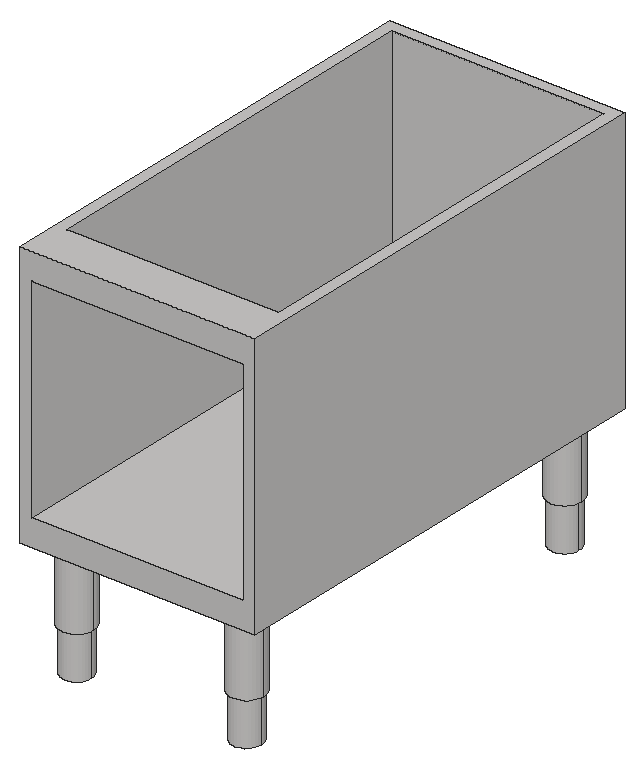
Revit family "QF_ELECTROLUXPROFESSIONAL_391326_E9BAMD00O00", category Specialty Equipment, Revit 2018
Family settings
  Round Connector Dimension = Use Diameter
  Part Type = Normal
  Work Plane-Based = No
  Always vertical = Yes
  Cut with Voids When Loaded = No
  Shared = No
  Room Calculation Point = No
Parameters
  URL = ""
  Model = ""
  Manufacturer = ""
  Direct Waste Size = 0"
  Description = ""
Reference planes
  plane 1 "BACK": y = 0
  plane 2: z = 0
  plane 3 "LEFT": x = 0
  plane 4 "RIGHT": x = 400
  plane 5 "FRONT": y = -930
  plane 6 "TOP": z = 650
  plane 7 "Center Y": x = 200
  plane 8 "Center X": y = -465
  plane 9: z = 900
  plane 10: z = 200
  plane 11: y = -128
  plane 12: y = -802
  plane 13: x = 56
  plane 14: x = 344
Forms (mm)
  Extrusion 1, solid, material "QF_Finishes_Stainless Steel"
    sketch origin (200, -70, 200) x (-1, 0, 0) y (0, 1, 0)
      loop
        line (199.5, -783) -> (199.5, 0) -> (-199.5, 0) -> (-199.5, -783) -> (199.5, -783)
      loop
        circle (-149.5, -633) r 15
    from 0 to -45
  Extrusion 2, solid, material "QF_Finishes_Stainless Steel"
    sketch origin (200, -70, 245) x (-1, 0, 0) y (0, -1, 0)
      loop
        line (199.5, 0) -> (199.5, 783) -> (179.5, 783) -> (179.5, 20) -> (-179.5, 20) -> (-179.5, 783) -> (-199.5, 783) -> (-199.5, 0) -> (199.5, 0)
    from 0 to 405
  Extrusion 3, solid, material "QF_Finishes_Stainless Steel"
    sketch origin (379.5, -853, 245) x (1, 0, 0) y (0, 0, 1)
      loop
        line (0, 405) -> (-359, 405) -> (-359, 360) -> (0, 360) -> (0, 405)
    from 0 to -75
Cuts and joins
  joined: Extrusion 1, Extrusion 2, Extrusion 3
Lines and regions (mm)
  symbolic lines
    curve 1: line (399.5, -70, 914.5) -> (0.5, -70, 914.5)
    curve 2: line (0.5, -70, 914.5) -> (0.5, -853, 914.5)
    curve 3: line (399.5, -853, 914.5) -> (399.5, -70, 914.5)
    curve 4: line (0.5, -853, 914.5) -> (399.5, -853, 914.5)
Dimensions and locks
  equal spacing: plane 3 "LEFT", plane 7 "Center Y", plane 4 "RIGHT"
  plane 3 "LEFT" to plane 4 "RIGHT" = 400 mm
  equal spacing: plane 5 "FRONT", plane 8 "Center X", plane 1 "BACK"
  plane 5 "FRONT" to plane 1 "BACK" = 930 mm
  plane 3 "LEFT" to plane 13 = 56 mm
  plane 14 to plane 4 "RIGHT" = 56 mm
  aligned and locked: level to plane 2
Automatic sketch dimensions
  plane 3 "LEFT" to curve 4 = 0.5 mm
  curve 2 to plane 11 = 58 mm
  plane 4 "RIGHT" to curve 1 = 0.5 mm
  plane 12 to curve 4 = 51 mm
  Extrusion 2 sketch curve to Extrusion 1 = 0 mm  (x3)
  Extrusion 1 to Extrusion 2 sketch curve = 0 mm  (x2)
  Extrusion 2 sketch curve to Extrusion 1 = 20 mm  (x2)
  Extrusion 2 sketch curve to Extrusion 2 sketch curve = 20 mm
  Extrusion 3 sketch curve to Extrusion 2 = 0 mm  (x2)
  Extrusion 2 to Extrusion 3 sketch curve = 45 mm
  Extrusion 3 sketch curve to Extrusion 2 = 359 mm
  plane 4 "RIGHT" to Extrusion 1 sketch curve = 0.5 mm
  plane 3 "LEFT" to Extrusion 1 sketch curve = 0.5 mm
  Extrusion 1 sketch curve to plane 11 = 58 mm
  plane 12 to Extrusion 1 sketch curve = 51 mm
  plane 14 to Extrusion 1 sketch curve = 5.5 mm
  Extrusion 1 sketch curve to plane 12 = 99 mm
  radius of Extrusion 1 sketch curve = 15 mm
Nested families
  nested 1: "Foot_Ø50_H200" at (56, -802, 0), type "Foot_Ø50_H200"
  nested 2: "Foot_Ø50_H200" at (56, -128, 0), type "Foot_Ø50_H200"
  nested 3: "Foot_Ø50_H200" at (344, -802, 0) x (-1, 0, 0) z (0, 0, 1), type "Foot_Ø50_H200"
  nested 4: "Foot_Ø50_H200" at (344, -128, 0) x (-1, 0, 0) z (0, 0, 1), type "Foot_Ø50_H200"
Definition of nested family "Foot_Ø50_H200"
  Reference planes
    plane 1 "Centro (Fronte/Retro)": y = 0
    plane 2: z = 0
    plane 3 "Centro (Sinistra/Destra)": x = 0
    plane 4: z = 200
  Forms (mm)
    Revolve 1, solid
      sketch origin (255.05, 0, 608.09) x (0, 0, 1) y (-1, 0, 0)
        loop
          line (-608.09, 255.05) -> (-608.09, 230.05) -> (-533.09, 230.05) -> (-533.09, 226.05) -> (-408.09, 226.05) -> (-408.09, 255.05) -> (-608.09, 255.05)
        axis (-608.09, 255.05) -> (-408.09, 255.05)
      angle from 0 to 360
  Dimensions and locks
    locked: Revolve 1 sketch curve to Revolve 1 sketch curve at 125
    aligned and locked: level to plane 2
    aligned and locked: plane 4 to Revolve 1 sketch curve
    aligned and locked: Revolve 1 sketch curve to level
    aligned and locked: plane 3 "Centro (Sinistra/Destra)" to Revolve 1 sketch curve
